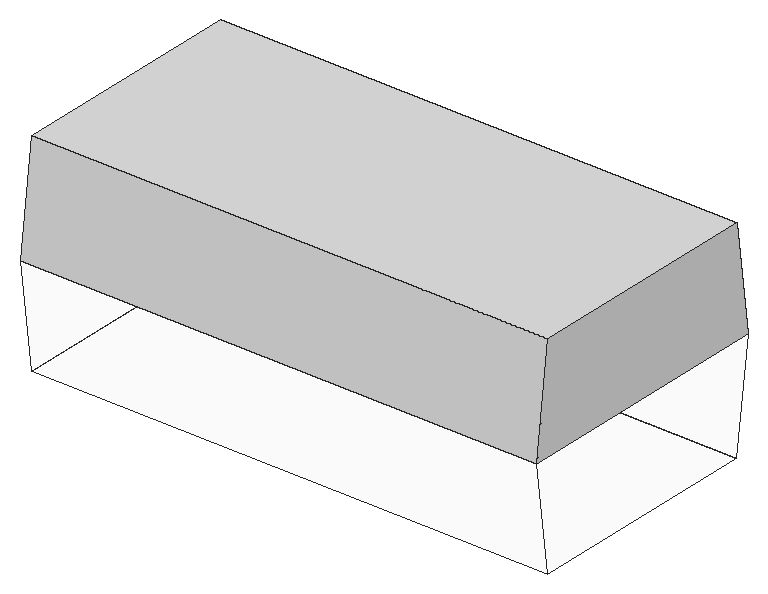
Revit family "T93051 Indus M LED 26m 2-s_Tak", category Lighting Fixtures, Revit 2016
Family settings
  Part Type = Normal
  Round Connector Dimension = Use Diameter
  OmniClass Number = 23.80.70.00
  OmniClass Title = Lighting
  Work Plane-Based = No
  Always vertical = Yes
  Cut with Voids When Loaded = No
  Light Source = Yes
  Shared = No
  Room Calculation Point = No
Parameters (values of type "Nødlys")
  Wattage = 9.2903 W
  built-in parameter 1150110 = 1 (stored number, unit not read)
  Type Comments = "-UN"
  built-in parameter 1114217 = 1 (stored number, unit not read)
  Tilt Angle = 90.00°
  built-in parameter 1150109 = 1 (stored number, unit not read)
  built-in parameter 1150134 = 3
  built-in parameter 1150113 = 1 (stored number, unit not read)
  Photometric Web File = "2x4 3Lamp.ies"
  Number of Poles = 1
  Symbol Positive Direction [instance] = yes
  NS8360 = "4432_WT2"
  Manufacturer = "Honeywell"
  built-in parameter 1150105 = 109.82 (stored number, unit not read)
  Lumens = 1380 lm
  built-in parameter 1150115 = 1 (stored number, unit not read)
  built-in parameter 1150137 = (empty or 0)
  built-in parameter 1150139 = (empty or 0)
  built-in parameter 1150112 = 1 (stored number, unit not read)
  built-in parameter 1150114 = 1 (stored number, unit not read)
  Keynote = "WT2"
  built-in parameter 1150132 = (empty or 0)
  built-in parameter 1150102 = (empty or 0)
  built-in parameter 1150107 = 3200 (stored number, unit not read)
  built-in parameter 1150138 = (empty or 0)
  built-in parameter 1150106 = 1.0982 (stored number, unit not read)
  Height = 151 mm
  Voltage = 230 V
  Symbol Offset Side [instance] = 0 mm
  Symbol Offset Out [instance] = 0 mm
  Material = Plastic - White
  Loads [instance] = 0 VA
  Length B = 189 mm
  Length A = 369 mm
  Glass Material = Plastic - Transparent
  Emit from Rectangle Width = Length B  # 189 mm
  Emit from Rectangle Length = Length A  # 369 mm
  Emit Shape Visible in Rendering = no
  built-in parameter 1150104 = 13.8 (stored number, unit not read)
  Dimming Lamp Color Temperature Shift = <None>
  Color Filter = 16777215
  built-in parameter 1114218 = 1 (stored number, unit not read)
  built-in parameter 1150133 = 10 (stored number, unit not read)
  Assembly Code = "4432"
Reference planes
  plane 1 "Light Source Axis (F/B)": y = 0
  plane 2: z = 0
  plane 3 "Light Source Axis (L/R)": x = 0
  plane 4 "Light Source Elevation": z = 0
  plane 5: z = -151
  plane 6: z = -75.5
  plane 7: y = 94.5
  plane 8: x = 184.5
  plane 9: y = -94.5
  plane 10: x = -184.5
  plane 11: y = 84.5
  plane 12: y = -84.5
  plane 13: x = -174.5
  plane 14: x = 174.5
Forms (mm)
  Extrusion 1, solid, material "Plastic - Transparent" <- "Glass Material"
    sketch origin (0, 0, 0) x (0, 1, 0) y (0, 0, 1)
      loop
        line (94.5, -75.5) -> (-94.5, -75.5) -> (-84.5, -151) -> (84.5, -151) -> (94.5, -75.5)
    from -184.5 to 184.5
  Extrusion 2, solid, material "Plastic - White" <- "Material"
    sketch origin (0, 0, 0) x (0, 1, 0) y (0, 0, 1)
      loop
        line (84.5, 0) -> (-84.5, 0) -> (-94.5, -75.5) -> (94.5, -75.5) -> (84.5, 0)
    from -184.5 to 184.5
Lines and regions (mm)
  model lines, style "InvisibleLines"
    curve 1: line (0, 0, 0) -> (0, 0, -148)
Dimensions and locks
  plane 4 "Light Source Elevation" to plane 2 = 0 mm
  "Height": plane 4 "Light Source Elevation" to plane 5
  equal spacing: level, plane 6, imposter light
  equal spacing: plane 10, plane 3 "Light Source Axis (L/R)", plane 8
  equal spacing: plane 7, plane 1 "Light Source Axis (F/B)", plane 9
  "Length A": plane 10 to plane 8
  "Length B": plane 7 to plane 9
  locked: plane 7 to plane 11 at 10
  locked: plane 9 to plane 12 at 10
  locked: plane 10 to plane 13 at 10
  locked: plane 14 to plane 8 at 10
  aligned and locked: plane 2 to level
  aligned and locked: plane 1 "Light Source Axis (F/B)" to nested 1
  aligned and locked: plane 3 "Light Source Axis (L/R)" to nested 1
  aligned and locked: imposter light to plane 3 "Light Source Axis (L/R)"
  aligned and locked: imposter light to plane 5
  aligned and locked: imposter light to plane 1 "Light Source Axis (F/B)"
  aligned and locked: plane 6 to Extrusion 1 sketch curve  (x2)
  aligned and locked: plane 5 to Extrusion 1 sketch curve
  aligned and locked: plane 11 to Extrusion 1 sketch curve
  aligned and locked: plane 12 to Extrusion 1 sketch curve
  aligned and locked: plane 7 to Extrusion 1 sketch curve
  aligned and locked: Extrusion 1 to plane 10
  aligned and locked: plane 8 to Extrusion 1
  aligned and locked: level to Extrusion 2 sketch curve
  aligned and locked: plane 6 to Extrusion 2 sketch curve
  aligned and locked: plane 7 to Extrusion 2 sketch curve
  aligned and locked: plane 9 to Extrusion 2 sketch curve
  aligned and locked: plane 12 to Extrusion 2 sketch curve
  aligned and locked: plane 11 to Extrusion 2 sketch curve
  aligned and locked: Extrusion 2 to plane 10
  aligned and locked: plane 8 to Extrusion 2
Automatic sketch dimensions
  curve 1 to plane 3 "Light Source Axis (L/R)" = 0 mm
  plane 5 to curve 1 = 3 mm
  curve 1 to level = 0 mm
  Extrusion 1 sketch curve to plane 9 = 0 mm
Nested families
  nested 1: "LedelysS" at (0, 0, 0), type "Type 1"
Connectors
  electrical at (0, 0, 0), driven by "Voltage", driven by "Loads", driven by "Number of Poles", driven by "Loads"
    settings: on plane 4 "Light Source Elevation", index 1, voltage 230 V, apparent load 0 VA, apparent load phase1 0 VA, apparent load phase2 0 VA, apparent load phase3 0 VA, power factor 1, load classification "Lighting", number of poles 1, system type 30, power factor state 1, is connector primary yes, connector utility no, sub classification motor no, connector description ""
Definition of nested family "LedelysS"
  Parameters
    CQ Symbol Positive Direction = yes
    CQ Symbol Negative Direction = not(CQ Symbol Positive Direction)  # no
    CQ Symbol Offset Side = 0 mm
    CQ Symbol Offset Out = 0 mm
  Reference planes
    plane 1: y = 0
    plane 2: x = 0
  Dimensions and locks
    "CQ Symbol Offset Out": plane 1 to nested 1
    "CQ Symbol Offset Out": plane 1 to nested 2
    "CQ Symbol Offset Side": plane 2 to nested 2
    "CQ Symbol Offset Side": nested 1 to plane 2
  Nested families
    nested 1: "LedelysSub" at (0, 0, 0), visible <- "CQ Symbol Negative Direction", type "Type 1"
    nested 2: "LedelysSub" at (0, 0, 0), visible <- "CQ Symbol Positive Direction", type "Type 1"
  Definition of nested family "LedelysSub"
    Reference planes
      plane 1: y = 0
      plane 2: x = 0
    Lines and regions (mm)
      detail lines
        curve 1: line (-4, -2, 0) -> (4, -2, 0)
        curve 2: line (4, -2, 0) -> (4, 2, 0)
        curve 3: line (4, 2, 0) -> (-4, 2, 0)
        curve 4: line (-4, 2, 0) -> (-4, -2, 0)
        curve 5: line (-3.097, -1.25, 0) -> (-0.597, 1.25, 0)
        curve 6: line (-3.097, 1.25, 0) -> (-0.597, -1.25, 0)
        curve 7: circle (-1.847, 0, 0) r 1.2 normal (0, 0, 1)
    Text (mm)
      text "LL" at (2.179, 1.025, 0)
